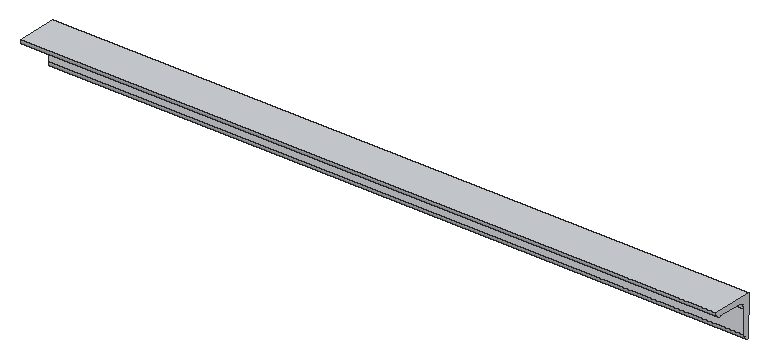
Revit family "BRU_Перемычки - Уголок (ГОСТ 8509-93)Перевернутое", category Каркас несущий, Revit 2021
Family settings
  Форма сечения = Не задано
  Материал для поведения модели = Прочее
  Всегда экспортировать в виде геометрии = Нет
  Номер OmniClass = 23.25.30.21.14
  Заголовок OmniClass = Trussed Beams and Joists
  На основе рабочей плоскости = Нет
  Всегда вертикально = Нет
  При загрузке вырезать с полостями = Да
  Условное обозначение = Из семейства
  Общий = Да
  Показывать семейство разрезанным на планах = Да
Parameters (values of type "ГОСТ 8509-93")
  Сталь по настоящему стандарту = "С245 ГОСТ 27772-88"
  Описание = "Уголки"  # constant formula
  Обозначение стандарта на сортамент = "ГОСТ 8509-93"  # constant formula
  Обозначение = "ГОСТ 8509-93"
  Наименование = ""
  Масса [instance] = size_lookup(Lookup, "Масса", 0.00 kg, b_Ширина, t_Толщина) / 1000 mm * L_Длина  # 0.00 kg
  Группа модели = "Элементы перемычек"  # constant formula
  t_Толщина [instance] = 8 mm
  b_Ширина [instance] = 60 mm
  Lookup = "ГОСТ 8509-93. Уголки стальные горячекатаные равнополочные"  # constant formula
  L_Длина [instance] = 1030 mm
Reference planes
  plane 1: z = 0
  plane 2 "По центру (Влево/Вправо)": x = 0
  plane 3: x = -515
  plane 4: x = 515
  plane 5: y = -7.8
Forms (mm)
  Sweep 1, solid
    path origin (0, -7.8, 0) x (1, 0, 0) y (0, 1, 0)
      loop
        line (-515, 0) -> (515, 0)
    profile "Уголок (ГОСТ 8509-93)-Профиль-Высокий : Уголок (ГОСТ 8509-93)-Профиль-Высокий" origin (0, -7.8, 0) x (0, 1, 0) y (0, 0, 1)
      loop
        line (8, -52) -> (8, 8) -> (-52, 8)
        arc (-52, 8) -> (-49.657, 2.343) -> (-44, 0) r 8
        line (-44, 0) -> (-10, 0)
        arc (-10, 0) -> (-2.929, -2.929) -> (0, -10) r 10
        line (0, -10) -> (0, -44)
        arc (0, -44) -> (2.343, -49.657) -> (8, -52) r 8
Dimensions and locks
  equal spacing: plane 3, plane 2 "По центру (Влево/Вправо)", plane 4
  "L_Длина": plane 3 to plane 4
  aligned and locked: plane 1 to level
  aligned and locked: Sweep 1 to level
  aligned and locked: plane 5 to Sweep 1
Automatic sketch dimensions
  Sweep 1 sketch curve to plane 3 = 0 mm
  Sweep 1 sketch curve to plane 4 = 0 mm
  Sweep 1 sketch curve to plane 5 = 0 mm
